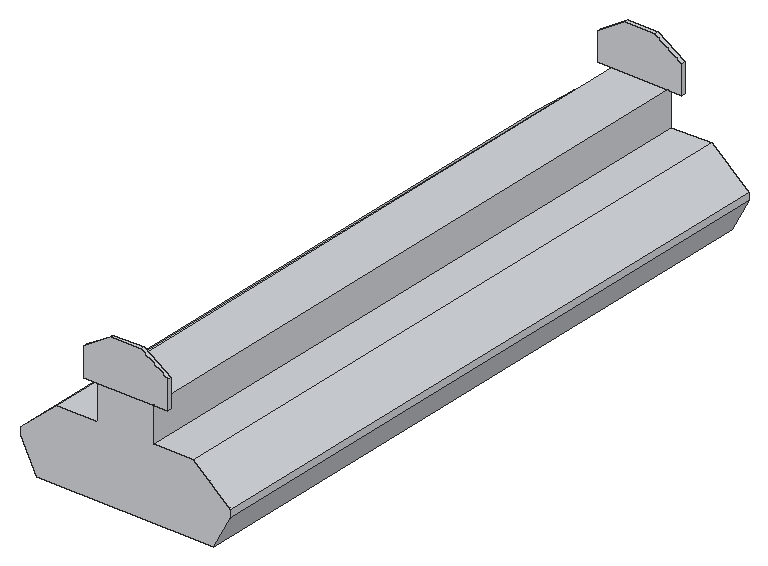
Revit family "SW-46 (Generic 2 Lamp)", category Generic Models, Revit 2012
Parameters
  Watts = ""
  Voltage = 0 V
  URL = "www.DetroitRadiant.com"
  Top Clearance = 0' - 0"
  Side Clearances = 0' - 0"
  Weight = "25 Pounds"
  Recommended Mounting Height = ""
  Model = "SW-46 (2 Lamp)"
  Material = ""
  Manufacturer = "Detroit Radiant Products Company"
  Length = 2' - 0"
  Heat Gain (BTU's) = ""
  Below Clearance = 0' - 0"
  Back Clearance = 0' - 0"
Reference planes (in)
  plane 1 "Center (Front/Back)": y = 0
  plane 2: z = 0
  plane 3 "Center (Left/Right)": x = 0
Forms (in)
  Extrusion 1, solid
    sketch origin (0, 0, 0) x (1, 0, 0) y (0, 0, 1)
      loop
        line (-3, 7.5) -> (3, 7.5) -> (3, 9.5) -> (1.05556, 10.75) -> (-1.05556, 10.75) -> (-3, 9.5) -> (-3, 7.5)
    from 0 to 0.25
  Extrusion 2, solid
    sketch origin (0, -45.75, 0) x (1, 0, 0) y (0, 0, 1)
      loop
        line (-3, 7.5) -> (3, 7.5) -> (3, 9.5) -> (1.05556, 10.75) -> (-1.05556, 10.75) -> (-3, 9.5) -> (-3, 7.5)
    from 0 to 0.25
  Extrusion 3, solid
    sketch origin (0, 0, 0) x (1, 0, 0) y (0, 0, 1)
      loop
        line (-2, 7.5) -> (-2, 5) -> (-4.875, 5) -> (-7.5, 2.75) -> (-7.5, 2.25) -> (-6.30365, 0) -> (6.30365, 0) -> (7.5, 2.25) -> (7.5, 2.75) -> (4.875, 5) -> (2, 5) -> (2, 7.5) -> (-2, 7.5)
    from 0 to 46
Lines and regions (in)
  model lines
    curve 1: line (2, 0, 5) -> (2, 0, 7.5)
    curve 2: line (-2, 0, 7.5) -> (-2, 0, 7.46429)
    curve 3: line (2, 0, 7.5) -> (3, 0, 7.5)
    curve 4: line (3, 0, 7.5) -> (3, 0, 9.5)
    curve 5: line (3, 0, 9.5) -> (1.05556, 0, 10.75)
    curve 6: line (1.05556, 0, 10.75) -> (0, 0, 10.75)
    curve 7: line (-2, 0, 7.5) -> (-3, 0, 7.5)
    curve 8: line (-3, 0, 7.5) -> (-3, 0, 9.5)
    curve 9: line (-3, 0, 9.5) -> (-1.05556, 0, 10.75)
    curve 10: line (-1.05556, 0, 10.75) -> (0, 0, 10.75)
    curve 11: line (0, 0, 0) -> (-6.30365, 0, 0)
    curve 12: line (-4.875, 0, 5) -> (-7.5, 0, 2.75)
    curve 13: line (-7.5, 0, 2.25) -> (-6.30365, 0, 0)
    curve 14: line (-7.5, 0, 2.75) -> (-7.5, 0, 2.25)
    curve 15: line (-2, 0, 5) -> (-4.875, 0, 5)
    curve 16: line (-2, 0, 5) -> (-2, 0, 7.5)
    curve 17: line (0, 0, 0) -> (6.30365, 0, 0)
    curve 18: line (4.875, 0, 5) -> (7.5, 0, 2.75)
    curve 19: line (7.5, 0, 2.25) -> (6.30365, 0, 0)
    curve 20: line (7.5, 0, 2.75) -> (7.5, 0, 2.25)
    curve 21: line (2, 0, 5) -> (4.875, 0, 5)
Dimensions and locks (in)
  aligned and locked: plane 2 to level
